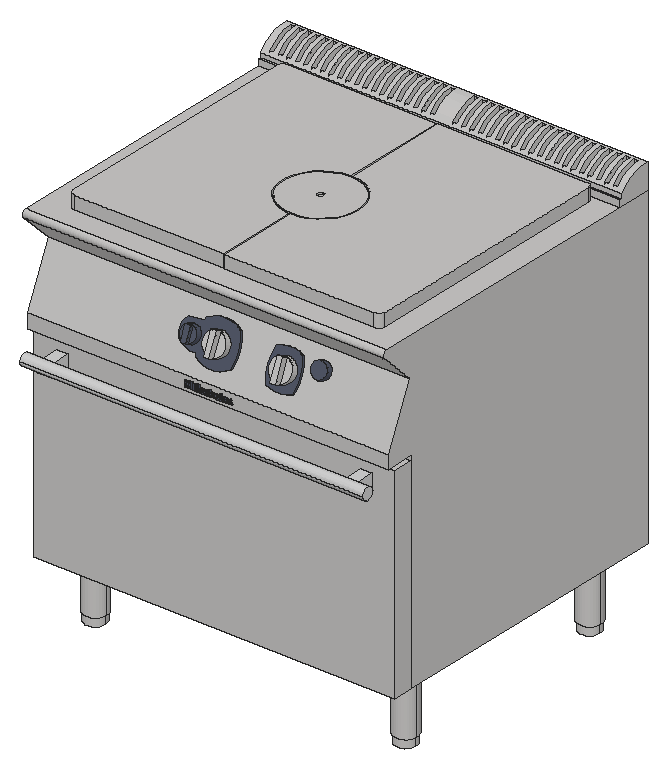
Revit family "QF_ELECTROLUXPROFESSIONAL_371008_E7STGH10G0", category Specialty Equipment, Revit 2018
Family settings
  Round Connector Dimension = Use Diameter
  Part Type = Normal
  Work Plane-Based = No
  Always vertical = Yes
  Cut with Voids When Loaded = No
  Shared = No
  Room Calculation Point = No
Parameters
  Width = 800 mm  # constant formula
  Weight in Pounds = 209  # constant formula
  Watts = 0 W
  URL Cutsheet = "www.electrolux.com"
  URL = "www.electrolux.com"
  Type Mark [instance] = ""
  Status [instance] = ""
  Specification by User [instance] = ""
  Specification by Manufacturer = ""
  Show Logo [instance] = yes
  Show Clearance [instance] = yes
  Serial Number = ""
  Seismic Rating = ""
  SMACNA No = ""
  Revision Code [instance] = ""
  Omniclass Number and Title = ""
  NAFEM Spec ID Number = ""
  Model = "371008"
  Mechanical Remarks [instance] = ""
  Mechanical Connection Type [instance] = ""
  Masterspec = ""
  Manufacturer = "ELECTROLUX"
  Item Number [instance] = ""
  Installed By [instance] = ""
  Identify Quantity as Lot [instance] = yes
  Height = 908 mm  # constant formula
  HP = "0 HP"
  Gas Size = 12.7 mm  # 1/2"
  Gas RI Height [instance] = 0 mm
  Gas KW [instance] = 13  # constant formula
  Gas Input [instance] = 12988 VA  # 44317.0 Btu/h
  Gas Connection Height = 0 mm
  Furnished By [instance] = ""
  Foodservice Equipment Identifier [instance] = yes
  Direct Waste Size = 0"
  Description = "700XP Gas Solid Top on Gas Oven"
  Depth = 700 mm  # constant formula
  CSI MasterFormat = ""
  CSI Master Format = ""
  Assembly Code = ""
Reference planes
  plane 1 "BACK": y = 0
  plane 2: z = 0
  plane 3 "LEFT": x = 0
  plane 4 "RIGHT": x = 800
  plane 5 "FRONT": y = -700
  plane 6 "TOP": z = 908
  plane 7 "Center Y": x = 400
  plane 8 "Center X": y = -350
  plane 9 "Base": z = 150
  plane 10: z = 850.85
  plane 11: y = -730.129
  plane 12: y = -1109.663
Forms (mm)
  Revolve 1, solid, material "QF_Finishes_Stainless Steel"
    sketch origin (1, -90, 0) x (1, 0, 0) y (0, 0, 1)
      loop
        line (55, 0) -> (55, 150) -> (29.6, 150) -> (29.6, 19.05) -> (32.1, 19.05) -> (32.1, 0) -> (55, 0)
      axis (55, 0) -> (55, 150)
    angle from 0 to 360
  Revolve 2, solid, material "QF_Finishes_Stainless Steel"
    sketch origin (1, -599.588, 0) x (1, 0, 0) y (0, 0, 1)
      loop
        line (55, 0) -> (55, 150) -> (29.6, 150) -> (29.6, 19.05) -> (32.1, 19.05) -> (32.1, 0) -> (55, 0)
      axis (55, 0) -> (55, 150)
    angle from 0 to 360
  Revolve 3, solid, material "QF_Finishes_Stainless Steel"
    sketch origin (799, -90, 0) x (-1, 0, 0) y (0, 0, -1)
      loop
        line (55, 0) -> (32.1, 0) -> (32.1, -19.05) -> (29.6, -19.05) -> (29.6, -150) -> (55, -150) -> (55, 0)
      axis (55, 0) -> (55, -150)
    angle from 0 to 360
  Revolve 4, solid, material "QF_Finishes_Stainless Steel"
    sketch origin (799, -599.588, 0) x (-1, 0, 0) y (0, 0, -1)
      loop
        line (55, 0) -> (32.1, 0) -> (32.1, -19.05) -> (29.6, -19.05) -> (29.6, -150) -> (55, -150) -> (55, 0)
      axis (55, 0) -> (55, -150)
    angle from 0 to 360
  Extrusion 5, solid, material "QF_Finishes_Stainless Steel"
    sketch origin (0, 0, 576.213) x (0, 1, 0) y (0, 0, 1)
      loop
        line (0, -426.212) -> (0, 274.638) -> (-721.5, 274.638)
        arc (-721.5, 274.638) -> (-729.472, 269.31) -> (-727.602, 259.906) r 8.63
        line (-727.602, 259.906) -> (-658.266, 190.57) -> (-715.962, 65.214) -> (-715.962, 33.916) -> (-655.839, 38.612)
        arc (-655.839, 38.612) -> (-653.314, 37.864) -> (-652.222, 35.468) r 3.175
        line (-652.222, 35.468) -> (-652.222, -426.212) -> (0, -426.212)
    from 0 to 800
  Extrusion 6, solid, material "QF_Finishes_Stainless Steel"
    sketch origin (0, -652.222, 615.668) x (0, 0, -1) y (1, 0, 0)
      loop
        line (465.668, 0) -> (465.668, 800) -> (13.597, 800) -> (13.597, 0) -> (465.668, 0)
    from 3.175 to 47.778
  Extrusion 7, solid, material "QF_Finishes_Handrails and Railings"
    sketch origin (0, 0, 0) x (0, 1, 0) y (0, 0, 1)
      loop
        line (-700, 579.951) -> (-738.678, 577.246)
        arc (-738.678, 577.246) -> (-739.871, 563.439) -> (-752.981, 558.943) r 12.7
        arc (-752.981, 558.943) -> (-752.44, 558.126) -> (-751.841, 557.351) r 13.441
        arc (-751.841, 557.351) -> (-750.036, 555.905) -> (-747.808, 555.285) r 5.77
        line (-747.808, 555.285) -> (-700, 551.942) -> (-700, 579.951)
    from 50.8 to 76.2
  Extrusion 8, solid, material "QF_Finishes_Handrails and Railings"
    sketch origin (800, 0, 0) x (0, 1, 0) y (0, 0, -1)
      loop
        line (-700, -579.951) -> (-700, -551.942) -> (-747.808, -555.285)
        arc (-747.808, -555.285) -> (-750.036, -555.905) -> (-751.841, -557.351) r 5.77
        arc (-751.841, -557.351) -> (-752.44, -558.126) -> (-752.981, -558.943) r 13.441
        arc (-752.981, -558.943) -> (-739.871, -563.439) -> (-738.678, -577.246) r 12.7
        line (-738.678, -577.246) -> (-700, -579.951)
    from 50.8 to 76.2
  Extrusion 9, solid, material "QF_Finishes_Handrails and Railings"
    sketch origin (0, 0, 0) x (0, 1, 0) y (0, 0, 1)
      loop
        circle (-749.878, 571.259) r 12.7
    from 19.875 to 780.125
  Extrusion 10, solid, material "QF_Finishes_Navy Blue", visible <- "Show Logo"
    sketch origin (61.109, -715.962, 610.773) x (0, 0, 1) y (-1, 0, 0)
      loop
        line (20.674, -296.698) -> (8.307, -296.698)
        arc (8.307, -296.698) -> (14.491, -301.27) -> (20.674, -296.698) r 6.467
      loop
        arc (20.674, -296.069) -> (19.505, -290.926) -> (14.849, -288.448) r 6.338
        line (14.849, -288.448) -> (14.849, -290.494)
        arc (14.849, -290.494) -> (16.333, -294.149) -> (19.778, -296.069) r 5.941
        line (19.778, -296.069) -> (20.674, -296.069)
      loop
        arc (9.203, -296.069) -> (12.648, -294.149) -> (14.132, -290.494) r 5.941
        line (14.132, -290.494) -> (14.132, -288.448)
        arc (14.132, -288.448) -> (9.438, -290.922) -> (8.148, -296.069) r 6.504
        line (8.148, -296.069) -> (9.203, -296.069)
      loop
        line (21.349, -287.979) -> (7.604, -287.979) -> (7.604, -301.742) -> (21.349, -301.742) -> (21.349, -287.979)
      loop
        arc (21.432, -304.71) -> (21.085, -304.352) -> (20.718, -304.69) r 0.358
        arc (20.718, -304.69) -> (20.404, -305.44) -> (19.687, -305.825) r 1.216
        line (19.687, -305.825) -> (9.274, -305.825)
        arc (9.274, -305.825) -> (8.614, -305.548) -> (8.218, -304.951) r 1.238
        arc (8.218, -304.951) -> (7.823, -304.7) -> (7.518, -305.054) r 0.358
        line (7.518, -305.054) -> (7.518, -314.933) -> (10.269, -314.933) -> (10.269, -314.036)
        arc (10.269, -314.036) -> (9.36, -313.456) -> (8.904, -312.479) r 1.928
        line (8.904, -312.479) -> (8.904, -309.98)
        arc (8.904, -309.98) -> (9.18, -309.251) -> (9.868, -308.887) r 1.101
        line (9.868, -308.887) -> (13.955, -308.887) -> (13.955, -312.561)
        arc (13.955, -312.561) -> (13.602, -313.058) -> (13.037, -313.286) r 1.083
        arc (13.037, -313.286) -> (12.773, -313.591) -> (13.065, -313.869) r 0.292
        line (13.065, -313.869) -> (16.028, -313.869)
        arc (16.028, -313.869) -> (16.33, -313.596) -> (16.092, -313.266) r 0.305
        arc (16.092, -313.266) -> (15.601, -313.018) -> (15.296, -312.561) r 1.083
        line (15.296, -312.561) -> (15.296, -308.887) -> (19.973, -308.887) -> (19.973, -312.635)
        arc (19.973, -312.635) -> (19.759, -313.39) -> (19.153, -313.888) r 1.314
        arc (19.153, -313.888) -> (18.934, -314.292) -> (19.288, -314.585) r 0.361
        line (19.288, -314.585) -> (21.432, -314.585) -> (21.432, -304.71)
      loop
        arc (20.715, -315.365) -> (20.335, -316.284) -> (19.416, -316.664) r 1.299
        line (19.416, -316.664) -> (9.837, -316.664)
        arc (9.837, -316.664) -> (8.999, -316.286) -> (8.728, -315.408) r 1.118
        line (8.728, -315.408) -> (7.518, -315.408) -> (7.518, -320.758) -> (8.706, -320.758)
        arc (8.706, -320.758) -> (8.978, -319.841) -> (9.848, -319.445) r 1.153
        line (9.848, -319.445) -> (21.92, -319.445) -> (20.715, -315.365)
      loop
        line (12.483, -323.394) -> (12.483, -329.842) -> (13.282, -329.842)
        arc (13.282, -329.842) -> (15.862, -328.857) -> (17.131, -326.404) r 3.874
        line (17.131, -326.404) -> (17.131, -324.643)
        arc (17.131, -324.643) -> (15.944, -321.778) -> (13.08, -320.592) r 4.051
        line (13.08, -320.592) -> (11.072, -320.592)
        arc (11.072, -320.592) -> (8.253, -322.077) -> (7.202, -325.084) r 4.352
        arc (7.202, -325.084) -> (7.566, -327.547) -> (8.943, -329.621) r 5.713
        line (8.943, -329.621) -> (9.892, -329.621)
        arc (9.892, -329.621) -> (9.16, -328.052) -> (8.943, -326.334) r 5.579
        arc (8.943, -326.334) -> (9.737, -324.371) -> (11.616, -323.394) r 3.057
        line (11.616, -323.394) -> (12.483, -323.394)
      loop
        line (13.742, -323.394) -> (13.742, -326.977)
        arc (13.742, -326.977) -> (15.199, -327.024) -> (16.082, -325.864) r 1.59
        line (16.082, -325.864) -> (16.082, -325.034)
        arc (16.082, -325.034) -> (15.217, -323.779) -> (13.742, -323.394) r 2.184
      loop
        arc (16.533, -339.259) -> (17.022, -337.585) -> (17.179, -335.848) r 9.023
        line (17.179, -335.848) -> (17.179, -334.486)
        arc (17.179, -334.486) -> (16.02, -331.686) -> (13.22, -330.527) r 3.959
        line (13.22, -330.527) -> (10.62, -330.527)
        arc (10.62, -330.527) -> (8.338, -331.819) -> (7.221, -334.192) r 4.331
        line (7.221, -334.192) -> (7.221, -336.327)
        arc (7.221, -336.327) -> (7.729, -337.877) -> (8.651, -339.223) r 5.772
        arc (8.651, -339.223) -> (9.412, -339.274) -> (9.499, -338.515) r 0.553
        arc (9.499, -338.515) -> (9.111, -337.781) -> (8.977, -336.962) r 2.573
        line (8.977, -336.962) -> (8.977, -335.447)
        arc (8.977, -335.447) -> (9.983, -333.806) -> (11.798, -333.163) r 2.884
        line (11.798, -333.163) -> (13.077, -333.163)
        arc (13.077, -333.163) -> (14.898, -333.723) -> (15.824, -335.388) r 2.554
        line (15.824, -335.388) -> (15.824, -336.441)
        arc (15.824, -336.441) -> (15.493, -337.369) -> (14.836, -338.104) r 2.564
        arc (14.836, -338.104) -> (14.614, -338.821) -> (15.223, -339.259) r 0.643
        line (15.223, -339.259) -> (16.533, -339.259)
      loop
        line (15.515, -339.53) -> (15.515, -341.031) -> (9.467, -341.031)
        arc (9.467, -341.031) -> (7.879, -341.688) -> (7.221, -343.276) r 2.246
        line (7.221, -343.276) -> (7.221, -344.86)
        arc (7.221, -344.86) -> (7.535, -345.725) -> (8.035, -346.496) r 4.06
        arc (8.035, -346.496) -> (8.768, -346.629) -> (9.019, -345.928) r 0.576
        arc (9.019, -345.928) -> (8.913, -345.403) -> (8.977, -344.87) r 1.69
        arc (8.977, -344.87) -> (9.519, -344.082) -> (10.425, -343.779) r 1.506
        line (10.425, -343.779) -> (15.563, -343.779) -> (15.563, -346.176) -> (16.119, -346.733) -> (16.941, -346.733) -> (16.941, -343.873) -> (20.172, -343.873) -> (15.515, -339.53)
      loop
        line (7.438, -347.63) -> (7.438, -353.017) -> (8.548, -353.017)
        arc (8.548, -353.017) -> (8.942, -352.066) -> (9.893, -351.672) r 1.345
        line (9.893, -351.672) -> (13.509, -351.672)
        arc (13.509, -351.672) -> (14.274, -352.264) -> (14.564, -353.186) r 1.615
        line (14.564, -353.186) -> (14.564, -354.742) -> (17.119, -355.427) -> (17.119, -354.044) -> (15.177, -351.485) -> (17.057, -351.485) -> (16.773, -348.779)
        arc (16.773, -348.779) -> (16.333, -348.249) -> (15.674, -348.45) r 0.621
        arc (15.674, -348.45) -> (15.274, -348.792) -> (14.78, -348.975) r 1.501
        line (14.78, -348.975) -> (9.893, -348.975)
        arc (9.893, -348.975) -> (8.942, -348.581) -> (8.548, -347.63) r 1.345
        line (8.548, -347.63) -> (7.438, -347.63)
      loop
        line (13.54, -354.964) -> (10.848, -354.964)
        arc (10.848, -354.964) -> (8.403, -356.272) -> (7.269, -358.803) r 4.288
        arc (7.269, -358.803) -> (7.205, -360.183) -> (7.269, -361.563) r 15.022
        arc (7.269, -361.563) -> (8.403, -364.094) -> (10.848, -365.401) r 4.288
        line (10.848, -365.401) -> (13.54, -365.401)
        arc (13.54, -365.401) -> (15.986, -364.094) -> (17.119, -361.563) r 4.288
        arc (17.119, -361.563) -> (17.183, -360.183) -> (17.119, -358.803) r 15.022
        arc (17.119, -358.803) -> (15.986, -356.272) -> (13.54, -354.964) r 4.288
      loop
        line (13.745, -358.078) -> (10.643, -358.078)
        arc (10.643, -358.078) -> (8.486, -360.235) -> (10.643, -362.392) r 2.157
        line (10.643, -362.392) -> (13.745, -362.392)
        arc (13.745, -362.392) -> (15.902, -360.235) -> (13.745, -358.078) r 2.157
      loop
        arc (20.726, -365.26) -> (20.355, -366.154) -> (19.461, -366.524) r 1.264
        line (19.461, -366.524) -> (9.597, -366.524)
        arc (9.597, -366.524) -> (8.727, -366.127) -> (8.455, -365.211) r 1.153
        line (8.455, -365.211) -> (7.518, -365.211) -> (7.518, -370.319) -> (8.446, -370.319)
        arc (8.446, -370.319) -> (8.805, -369.547) -> (9.597, -369.232) r 1.153
        line (9.597, -369.232) -> (21.92, -369.232) -> (20.726, -365.26)
      loop
        arc (15.846, -369.857) -> (15.647, -370.921) -> (14.678, -371.403) r 1.215
        line (14.678, -371.403) -> (9.658, -371.403)
        arc (9.658, -371.403) -> (8.043, -372.051) -> (7.322, -373.634) r 2.338
        line (7.322, -373.634) -> (7.322, -375.148)
        arc (7.322, -375.148) -> (7.497, -376.152) -> (7.999, -377.038) r 2.979
        line (7.999, -377.038) -> (7.518, -378.835) -> (7.518, -380.524) -> (16.943, -380.524) -> (16.649, -376.32) -> (15.863, -376.32)
        arc (15.863, -376.32) -> (15.507, -377.156) -> (14.755, -377.665) r 1.605
        line (14.755, -377.665) -> (9.652, -377.665)
        arc (9.652, -377.665) -> (9.232, -376.728) -> (9.159, -375.704) r 2.94
        arc (9.159, -375.704) -> (9.72, -374.603) -> (10.873, -374.16) r 1.724
        line (10.873, -374.16) -> (17.07, -374.16) -> (15.846, -369.857)
      loop
        line (16.874, -381.377) -> (15.202, -383.423) -> (12.028, -385.729) -> (8.572, -382.617)
        arc (8.572, -382.617) -> (8.335, -382.223) -> (8.357, -381.764) r 0.789
        line (8.357, -381.764) -> (7.518, -381.764) -> (7.518, -385.309) -> (8.344, -385.309)
        arc (8.344, -385.309) -> (8.686, -384.947) -> (9.176, -385.039) r 0.52
        line (9.176, -385.039) -> (10.976, -386.51) -> (8.858, -387.886)
        arc (8.858, -387.886) -> (8.457, -387.576) -> (8.37, -387.076) r 0.7
        line (8.37, -387.076) -> (7.518, -387.076) -> (7.518, -393.003) -> (8.405, -393.003)
        arc (8.405, -393.003) -> (8.472, -392.344) -> (8.866, -391.813) r 1.247
        line (8.866, -391.813) -> (13.066, -388.532) -> (15.513, -390.585) -> (16.874, -392.327) -> (16.874, -388.604) -> (15.389, -389.026) -> (13.868, -387.749) -> (15.568, -386.559) -> (16.874, -387.336) -> (16.874, -381.377)
    from 0 to 1.644
  Extrusion 11, solid, material "QF_Finishes_Stainless Steel"
    sketch origin (0, 0, 576.213) x (0, 1, 0) y (0, 0, 1)
      loop
        line (0, 274.638) -> (0, 288.925) -> (-76.2, 288.925) -> (-76.2, 274.638) -> (0, 274.638)
    from 0 to 800
  Extrusion 12, void
    sketch origin (34.989, 0, 865.138) x (-1, 0, 0) y (0, -1, 0)
      loop
        line (-335.017, 6.761) -> (-335.017, 63.911) -> (-344.313, 63.911) -> (-344.313, 6.761) -> (-335.017, 6.761)
      loop
        line (-316.325, 6.761) -> (-316.325, 63.911) -> (-325.62, 63.911) -> (-325.62, 6.761) -> (-316.325, 6.761)
      loop
        line (-297.632, 6.761) -> (-297.632, 63.911) -> (-306.928, 63.911) -> (-306.928, 6.761) -> (-297.632, 6.761)
      loop
        line (-278.94, 6.761) -> (-278.94, 63.911) -> (-288.235, 63.911) -> (-288.235, 6.761) -> (-278.94, 6.761)
      loop
        line (-260.247, 6.761) -> (-260.247, 63.911) -> (-269.543, 63.911) -> (-269.543, 6.761) -> (-260.247, 6.761)
      loop
        line (-241.554, 6.761) -> (-241.554, 63.911) -> (-250.85, 63.911) -> (-250.85, 6.761) -> (-241.554, 6.761)
      loop
        line (-222.862, 6.761) -> (-222.862, 63.911) -> (-232.157, 63.911) -> (-232.157, 6.761) -> (-222.862, 6.761)
      loop
        line (-204.169, 6.761) -> (-204.169, 63.911) -> (-213.465, 63.911) -> (-213.465, 6.761) -> (-204.169, 6.761)
      loop
        line (-185.476, 6.761) -> (-185.476, 63.911) -> (-194.772, 63.911) -> (-194.772, 6.761) -> (-185.476, 6.761)
      loop
        line (-166.784, 6.761) -> (-166.784, 63.911) -> (-176.08, 63.911) -> (-176.08, 6.761) -> (-166.784, 6.761)
      loop
        line (-148.091, 6.761) -> (-148.091, 63.911) -> (-157.387, 63.911) -> (-157.387, 6.761) -> (-148.091, 6.761)
      loop
        line (-129.399, 6.761) -> (-129.399, 63.911) -> (-138.694, 63.911) -> (-138.694, 6.761) -> (-129.399, 6.761)
      loop
        line (-110.706, 6.761) -> (-110.706, 63.911) -> (-120.002, 63.911) -> (-120.002, 6.761) -> (-110.706, 6.761)
      loop
        line (-92.013, 6.761) -> (-92.013, 63.911) -> (-101.309, 63.911) -> (-101.309, 6.761) -> (-92.013, 6.761)
      loop
        line (-73.321, 6.761) -> (-73.321, 63.911) -> (-82.617, 63.911) -> (-82.617, 6.761) -> (-73.321, 6.761)
      loop
        line (-54.628, 6.761) -> (-54.628, 63.911) -> (-63.924, 63.911) -> (-63.924, 6.761) -> (-54.628, 6.761)
      loop
        line (-35.936, 6.761) -> (-35.936, 63.911) -> (-45.231, 63.911) -> (-45.231, 6.761) -> (-35.936, 6.761)
      loop
        line (-17.243, 6.761) -> (-17.243, 63.911) -> (-26.539, 63.911) -> (-26.539, 6.761) -> (-17.243, 6.761)
      loop
        line (1.45, 6.761) -> (1.45, 63.911) -> (-7.846, 63.911) -> (-7.846, 6.761) -> (1.45, 6.761)
      loop
        line (20.142, 6.761) -> (20.142, 63.911) -> (10.846, 63.911) -> (10.846, 6.761) -> (20.142, 6.761)
      loop
        line (-395.005, 6.761) -> (-385.709, 6.761) -> (-385.709, 63.911) -> (-395.005, 63.911) -> (-395.005, 6.761)
      loop
        line (-413.697, 6.761) -> (-404.401, 6.761) -> (-404.401, 63.911) -> (-413.697, 63.911) -> (-413.697, 6.761)
      loop
        line (-432.39, 6.761) -> (-423.094, 6.761) -> (-423.094, 63.911) -> (-432.39, 63.911) -> (-432.39, 6.761)
      loop
        line (-451.082, 6.761) -> (-441.787, 6.761) -> (-441.787, 63.911) -> (-451.082, 63.911) -> (-451.082, 6.761)
      loop
        line (-469.775, 6.761) -> (-460.479, 6.761) -> (-460.479, 63.911) -> (-469.775, 63.911) -> (-469.775, 6.761)
      loop
        line (-488.468, 6.761) -> (-479.172, 6.761) -> (-479.172, 63.911) -> (-488.468, 63.911) -> (-488.468, 6.761)
      loop
        line (-507.16, 6.761) -> (-497.864, 6.761) -> (-497.864, 63.911) -> (-507.16, 63.911) -> (-507.16, 6.761)
      loop
        line (-525.853, 6.761) -> (-516.557, 6.761) -> (-516.557, 63.911) -> (-525.853, 63.911) -> (-525.853, 6.761)
      loop
        line (-544.545, 6.761) -> (-535.25, 6.761) -> (-535.25, 63.911) -> (-544.545, 63.911) -> (-544.545, 6.761)
      loop
        line (-563.238, 6.761) -> (-553.942, 6.761) -> (-553.942, 63.911) -> (-563.238, 63.911) -> (-563.238, 6.761)
      loop
        line (-581.931, 6.761) -> (-572.635, 6.761) -> (-572.635, 63.911) -> (-581.931, 63.911) -> (-581.931, 6.761)
      loop
        line (-600.623, 6.761) -> (-591.328, 6.761) -> (-591.328, 63.911) -> (-600.623, 63.911) -> (-600.623, 6.761)
      loop
        line (-619.316, 6.761) -> (-610.02, 6.761) -> (-610.02, 63.911) -> (-619.316, 63.911) -> (-619.316, 6.761)
      loop
        line (-638.008, 6.761) -> (-628.713, 6.761) -> (-628.713, 63.911) -> (-638.008, 63.911) -> (-638.008, 6.761)
      loop
        line (-656.701, 6.761) -> (-647.405, 6.761) -> (-647.405, 63.911) -> (-656.701, 63.911) -> (-656.701, 6.761)
      loop
        line (-675.394, 6.761) -> (-666.098, 6.761) -> (-666.098, 63.911) -> (-675.394, 63.911) -> (-675.394, 6.761)
      loop
        line (-694.086, 6.761) -> (-684.791, 6.761) -> (-684.791, 63.911) -> (-694.086, 63.911) -> (-694.086, 6.761)
      loop
        line (-712.779, 6.761) -> (-703.483, 6.761) -> (-703.483, 63.911) -> (-712.779, 63.911) -> (-712.779, 6.761)
      loop
        line (-731.472, 6.761) -> (-722.176, 6.761) -> (-722.176, 63.911) -> (-731.472, 63.911) -> (-731.472, 6.761)
      loop
        line (-750.164, 6.761) -> (-740.868, 6.761) -> (-740.868, 63.911) -> (-750.164, 63.911) -> (-750.164, 6.761)
    from 9.525 to 45.348
  Extrusion 13, solid, material "QF_Finishes_Stainless Steel"
    sketch origin (0, 0, 590.5) x (0, 1, 0) y (0, 0, 1)
      loop
        line (0, 274.638) -> (0, 317.5)
        arc (0, 317.5) -> (-38.879, 309.116) -> (-69.85, 284.162) r 86.156
        line (-69.85, 284.162) -> (-69.85, 274.638) -> (0, 274.638)
    from 0 to 800
  Extrusion 14, solid, material "QF_Finishes_Stainless Steel"
    sketch origin (0, 0, 850.85) x (0, -1, 0) y (1, 0, 0)
      loop
        arc (82.3, 67.7) -> (86.02, 58.72) -> (95, 55) r 12.7
        line (95, 55) -> (659.6, 55)
        arc (659.6, 55) -> (668.58, 58.72) -> (672.3, 67.7) r 12.7
        line (672.3, 67.7) -> (672.3, 398.413) -> (490.475, 398.413)
        arc (490.475, 398.413) -> (404.92, 314.787) -> (319.519, 398.571) r 85.497
        line (319.519, 398.571) -> (82.3, 398.571) -> (82.3, 67.7)
      loop
        arc (672.3, 732.3) -> (668.58, 741.28) -> (659.6, 745) r 12.7
        line (659.6, 745) -> (95, 745)
        arc (95, 745) -> (86.02, 741.28) -> (82.3, 732.3) r 12.7
        line (82.3, 732.3) -> (82.3, 401.528) -> (319.513, 401.528)
        arc (319.513, 401.528) -> (405.24, 485.459) -> (490.492, 401.047) r 85.5
        line (490.492, 401.047) -> (672.3, 401.047) -> (672.3, 732.3)
      loop
        circle (405, 400) r 82.6
      loop
        circle (405, 400) r 7
    from 0 to 28.575
  Extrusion 15, solid, material "QF_Finishes_Stainless Steel"
    sketch origin (0, 0, 850.85) x (0, -1, 0) y (1, 0, 0)
      loop
        circle (405, 400) r 7
    from 0 to 26.981
  Extrusion 16, solid, material "QF_Finishes_Navy Blue"
    sketch origin (7.744, -713.772, 646.186) x (0, 0.418102, 0.9084) y (-1, 0, 0)
      loop
        arc (102.623, -510.47) -> (67.041, -502.846) -> (31.333, -509.853) r 90.5
        arc (31.333, -509.853) -> (24.507, -539.04) -> (31.333, -568.228) r 65.817
        arc (31.333, -568.228) -> (67.04, -575.188) -> (102.623, -567.615) r 91.066
        arc (102.623, -567.615) -> (109.179, -539.043) -> (102.623, -510.47) r 65.546
    from 0 to 3.175
  Extrusion 17, solid, material "QF_Finishes_Stainless Steel"
    sketch origin (386.494, -717.485, 645.711) x (0, 0.418102, 0.9084) y (-1, 0, 0)
      loop
        circle (68.826, -160.963) r 25.4
    from 0 to 12.7
  Extrusion 18, solid, material "QF_Finishes_Stainless Steel"
    sketch origin (386.494, -729.022, 651.021) x (0, 0.418102, 0.9084) y (-1, 0, 0)
      loop
        arc (93.558, -166.749) -> (94.226, -160.963) -> (93.558, -155.177) r 25.4
        line (93.558, -155.177) -> (44.094, -155.177)
        arc (44.094, -155.177) -> (43.426, -160.963) -> (44.094, -166.749) r 25.4
        line (44.094, -166.749) -> (93.558, -166.749)
    from 0 to 12.7
  Extrusion 19, solid, material "QF_Finishes_Navy Blue"
    sketch origin (307.014, -703.319, 668.896) x (0, 0.418102, 0.9084) y (-1, 0, 0)
      loop
        circle (65.471, -315.169) r 17.78
    from 0 to 12.7
  Extrusion 20, solid, material "QF_Finishes_Navy Blue"
    sketch origin (-139.713, -713.772, 646.186) x (0, 0.418102, 0.9084) y (-1, 0, 0)
      loop
        arc (104.355, -502.587) -> (101.326, -501.258) -> (98.25, -500.039) r 91.066
        arc (98.25, -500.039) -> (96.592, -482.449) -> (93.213, -465.107) r 179.528
        arc (93.213, -465.107) -> (69.244, -452.795) -> (45.274, -465.107) r 29.489
        arc (45.274, -465.107) -> (38.909, -481.441) -> (37.449, -498.912) r 61.044
        arc (37.449, -498.912) -> (34.471, -499.962) -> (31.532, -501.116) r 91.066
        arc (31.532, -501.116) -> (19.517, -540.223) -> (32.929, -578.873) r 65.817
        arc (32.929, -578.873) -> (68.105, -585.173) -> (102.996, -577.452) r 91.066
        arc (102.996, -577.452) -> (115.418, -540.233) -> (104.355, -502.587) r 65.546
    from 0 to 3.175
  Extrusion 21, solid, material "QF_Finishes_Stainless Steel"
    sketch origin (239.037, -717.485, 645.711) x (0, 0.418102, 0.9084) y (-1, 0, 0)
      loop
        circle (68.826, -160.963) r 25.4
    from 0 to 12.7
  Extrusion 22, solid, material "QF_Finishes_Stainless Steel"
    sketch origin (239.037, -729.022, 651.021) x (0, 0.418102, 0.9084) y (-1, 0, 0)
      loop
        arc (93.558, -166.749) -> (94.226, -160.963) -> (93.558, -155.177) r 25.4
        line (93.558, -155.177) -> (44.094, -155.177)
        arc (44.094, -155.177) -> (43.426, -160.963) -> (44.094, -166.749) r 25.4
        line (44.094, -166.749) -> (93.558, -166.749)
    from 0 to 12.7
  Extrusion 23, solid, material "QF_Finishes_Navy Blue"
    sketch origin (181.537, -717.485, 645.711) x (0, 0.418102, 0.9084) y (-1, 0, 0)
      loop
        circle (68.826, -160.963) r 18.37
    from 0 to 12.7
  Extrusion 24, solid, material "QF_Finishes_Navy Blue"
    sketch origin (180.246, -729.022, 651.021) x (0, 0.418102, 0.9084) y (-1, 0, 0)
      loop
        arc (84.808, -167.687) -> (85.476, -161.901) -> (84.808, -156.114) r 25.4
        line (84.808, -156.114) -> (52.844, -156.114)
        arc (52.844, -156.114) -> (52.176, -161.901) -> (52.844, -167.687) r 25.4
        line (52.844, -167.687) -> (84.808, -167.687)
    from 0 to 8.112
  Extrusion 25, solid, material "QF_Finishes_Stainless Steel"
    sketch origin (0, 0, 150) x (-1, 0, 0) y (0, -1, 0)
      loop
        circle (-747.612, 464) r 6.35
    from -8.815 to 7.722
  Extrusion 26, solid, material "QF_Finishes_Door Clearance", visible <- "Show Clearance", detail levels coarse
    sketch origin (0, 0, 0) x (0, 1, 0) y (0, 0, 1)
      loop
        line (-1109.663, 150) -> (-700, 150) -> (-700, 602.071)
        arc (-700, 602.071) -> (-992.012, 455.037) -> (-1109.663, 150) r 454.266
    from 0 to 800
  Extrusion 27, solid, material "QF_Finishes_Clearance", visible <- "Show Clearance", detail levels coarse
    sketch origin (0, 0, 0) x (1, 0, 0) y (0, 1, 0)
      loop
        line (-150, -730.129) -> (0, -730.129) -> (0, 0) -> (800, 0) -> (800, -730.129) -> (950, -730.129) -> (950, 150) -> (-150, 150) -> (-150, -730.129)
    from 0 to 908
Cuts and joins
  Extrusion 12 cuts Extrusion 5
  Extrusion 12 cuts Extrusion 13
  joined: Extrusion 11, Extrusion 13
  joined: Extrusion 14, Extrusion 15
Lines and regions (mm)
  symbolic lines, style "QF-Door Swings"
    curve 1: line (0, -730.129, 150) -> (0, -1109.663, 150)
    curve 2: line (0, -1109.663, 150) -> (800, -1109.663, 150)
    curve 3: line (800, -1109.663, 150) -> (800, -730.129, 150)
  symbolic lines
    curve 4: line (800, -730.129, 150) -> (0, -730.129, 150)
    curve 5: line (0, 0, 150) -> (0, -730.129, 150)
    curve 6: line (55, -95, 150) -> (55, -659.6, 150)
    curve 7: arc (55, -659.6, 150) -> (58.72, -668.58, 150) -> (67.7, -672.3, 150) r 12.7
    curve 8: line (67.7, -672.3, 150) -> (398.413, -672.3, 150)
    curve 9: line (398.413, -672.3, 150) -> (398.413, -490.475, 150)
    curve 10: arc (398.413, -490.475, 150) -> (314.787, -404.92, 150) -> (398.571, -319.519, 150) r 85.497
    curve 11: line (398.571, -319.519, 150) -> (398.571, -82.3, 150)
    curve 12: line (398.571, -82.3, 150) -> (67.7, -82.3, 150)
    curve 13: arc (67.7, -82.3, 150) -> (58.72, -86.02, 150) -> (55, -95, 150) r 12.7
    curve 14: line (745, -659.6, 150) -> (745, -95, 150)
    curve 15: arc (745, -95, 150) -> (741.28, -86.02, 150) -> (732.3, -82.3, 150) r 12.7
    curve 16: line (732.3, -82.3, 150) -> (401.528, -82.3, 150)
    curve 17: line (401.528, -82.3, 150) -> (401.528, -319.513, 150)
    curve 18: arc (401.528, -319.513, 150) -> (485.46, -405.118, 150) -> (401.289, -490.489, 150) r 85.5
    curve 19: line (401.289, -490.489, 150) -> (401.289, -672.3, 150)
    curve 20: line (401.289, -672.3, 150) -> (732.3, -672.3, 150)
    curve 21: arc (732.3, -672.3, 150) -> (741.28, -668.58, 150) -> (745, -659.6, 150) r 12.7
    curve 22: arc (400, -322.4, 150) -> (317.4, -405, 150) -> (400, -487.6, 150) r 82.6
    curve 23: arc (400, -487.6, 150) -> (482.6, -405, 150) -> (400, -322.4, 150) r 82.6
    curve 24: arc (400, -398, 150) -> (407, -405, 150) -> (400, -412, 150) r 7
    curve 25: arc (400, -412, 150) -> (393, -405, 150) -> (400, -398, 150) r 7
    curve 26: line (0, -69.85, 150) -> (800, -69.85, 150)
    curve 27: line (0, -76.2, 150) -> (800, -76.2, 150)
    curve 28: line (800, -730.129, 150) -> (800, 0, 150)
    curve 29: line (0, 0, 150) -> (800, 0, 150)
    curve 30: line (24.143, -6.761, 150) -> (24.143, -63.911, 150)
    curve 31: line (24.143, -63.911, 150) -> (14.847, -63.911, 150)
    curve 32: line (14.847, -63.911, 150) -> (14.847, -6.761, 150)
    curve 33: line (14.847, -6.761, 150) -> (24.143, -6.761, 150)
    curve 34: line (379.302, -6.761, 150) -> (379.302, -63.911, 150)
    curve 35: line (379.302, -63.911, 150) -> (370.006, -63.911, 150)
    curve 36: line (370.006, -63.911, 150) -> (370.006, -6.761, 150)
    curve 37: line (370.006, -6.761, 150) -> (379.302, -6.761, 150)
    curve 38: line (429.994, -6.761, 150) -> (429.994, -63.911, 150)
    curve 39: line (429.994, -63.911, 150) -> (420.698, -63.911, 150)
    curve 40: line (420.698, -63.911, 150) -> (420.698, -6.761, 150)
    curve 41: line (420.698, -6.761, 150) -> (429.994, -6.761, 150)
    curve 42: line (360.61, -6.761, 150) -> (360.61, -63.911, 150)
    curve 43: line (360.61, -63.911, 150) -> (351.314, -63.911, 150)
    curve 44: line (351.314, -63.911, 150) -> (351.314, -6.761, 150)
    curve 45: line (351.314, -6.761, 150) -> (360.61, -6.761, 150)
    curve 46: line (341.917, -6.761, 150) -> (341.917, -63.911, 150)
    curve 47: line (341.917, -63.911, 150) -> (332.621, -63.911, 150)
    curve 48: line (332.621, -63.911, 150) -> (332.621, -6.761, 150)
    curve 49: line (332.621, -6.761, 150) -> (341.917, -6.761, 150)
    curve 50: line (323.224, -6.761, 150) -> (323.224, -63.911, 150)
    curve 51: line (323.224, -63.911, 150) -> (313.929, -63.911, 150)
    curve 52: line (313.929, -63.911, 150) -> (313.929, -6.761, 150)
    curve 53: line (313.929, -6.761, 150) -> (323.224, -6.761, 150)
    curve 54: line (304.532, -6.761, 150) -> (304.532, -63.911, 150)
    curve 55: line (304.532, -63.911, 150) -> (295.236, -63.911, 150)
    curve 56: line (295.236, -63.911, 150) -> (295.236, -6.761, 150)
    curve 57: line (295.236, -6.761, 150) -> (304.532, -6.761, 150)
    curve 58: line (285.839, -6.761, 150) -> (285.839, -63.911, 150)
    curve 59: line (285.839, -63.911, 150) -> (276.543, -63.911, 150)
    curve 60: line (276.543, -63.911, 150) -> (276.543, -6.761, 150)
    curve 61: line (276.543, -6.761, 150) -> (285.839, -6.761, 150)
    curve 62: line (267.146, -6.761, 150) -> (267.146, -63.911, 150)
    curve 63: line (267.146, -63.911, 150) -> (257.851, -63.911, 150)
    curve 64: line (257.851, -63.911, 150) -> (257.851, -6.761, 150)
    curve 65: line (257.851, -6.761, 150) -> (267.146, -6.761, 150)
    curve 66: line (248.454, -6.761, 150) -> (248.454, -63.911, 150)
    curve 67: line (248.454, -63.911, 150) -> (239.158, -63.911, 150)
    curve 68: line (239.158, -63.911, 150) -> (239.158, -6.761, 150)
    curve 69: line (239.158, -6.761, 150) -> (248.454, -6.761, 150)
    curve 70: line (229.761, -6.761, 150) -> (229.761, -63.911, 150)
    curve 71: line (229.761, -63.911, 150) -> (220.466, -63.911, 150)
    curve 72: line (220.466, -63.911, 150) -> (220.466, -6.761, 150)
    curve 73: line (220.466, -6.761, 150) -> (229.761, -6.761, 150)
    curve 74: line (211.069, -6.761, 150) -> (211.069, -63.911, 150)
    curve 75: line (211.069, -63.911, 150) -> (201.773, -63.911, 150)
    curve 76: line (201.773, -63.911, 150) -> (201.773, -6.761, 150)
    curve 77: line (201.773, -6.761, 150) -> (211.069, -6.761, 150)
    curve 78: line (192.376, -6.761, 150) -> (192.376, -63.911, 150)
    curve 79: line (192.376, -63.911, 150) -> (183.08, -63.911, 150)
    curve 80: line (183.08, -63.911, 150) -> (183.08, -6.761, 150)
    curve 81: line (183.08, -6.761, 150) -> (192.376, -6.761, 150)
    curve 82: line (173.683, -6.761, 150) -> (173.683, -63.911, 150)
    curve 83: line (173.683, -63.911, 150) -> (164.388, -63.911, 150)
    curve 84: line (164.388, -63.911, 150) -> (164.388, -6.761, 150)
    curve 85: line (164.388, -6.761, 150) -> (173.683, -6.761, 150)
    curve 86: line (154.991, -6.761, 150) -> (154.991, -63.911, 150)
    curve 87: line (154.991, -63.911, 150) -> (145.695, -63.911, 150)
    curve 88: line (145.695, -63.911, 150) -> (145.695, -6.761, 150)
    curve 89: line (145.695, -6.761, 150) -> (154.991, -6.761, 150)
    curve 90: line (136.298, -6.761, 150) -> (136.298, -63.911, 150)
    curve 91: line (136.298, -63.911, 150) -> (127.002, -63.911, 150)
    curve 92: line (127.002, -63.911, 150) -> (127.002, -6.761, 150)
    curve 93: line (127.002, -6.761, 150) -> (136.298, -6.761, 150)
    curve 94: line (117.606, -6.761, 150) -> (117.606, -63.911, 150)
    curve 95: line (117.606, -63.911, 150) -> (108.31, -63.911, 150)
    curve 96: line (108.31, -63.911, 150) -> (108.31, -6.761, 150)
    curve 97: line (108.31, -6.761, 150) -> (117.606, -6.761, 150)
    curve 98: line (98.913, -6.761, 150) -> (98.913, -63.911, 150)
    curve 99: line (98.913, -63.911, 150) -> (89.617, -63.911, 150)
    curve 100: line (89.617, -63.911, 150) -> (89.617, -6.761, 150)
    curve 101: line (89.617, -6.761, 150) -> (98.913, -6.761, 150)
    curve 102: line (80.22, -6.761, 150) -> (80.22, -63.911, 150)
    curve 103: line (80.22, -63.911, 150) -> (70.925, -63.911, 150)
    curve 104: line (70.925, -63.911, 150) -> (70.925, -6.761, 150)
    curve 105: line (70.925, -6.761, 150) -> (80.22, -6.761, 150)
    curve 106: line (61.528, -6.761, 150) -> (61.528, -63.911, 150)
    curve 107: line (61.528, -63.911, 150) -> (52.232, -63.911, 150)
    curve 108: line (52.232, -63.911, 150) -> (52.232, -6.761, 150)
    curve 109: line (52.232, -6.761, 150) -> (61.528, -6.761, 150)
    curve 110: line (42.835, -6.761, 150) -> (42.835, -63.911, 150)
    curve 111: line (42.835, -63.911, 150) -> (33.539, -63.911, 150)
    curve 112: line (33.539, -63.911, 150) -> (33.539, -6.761, 150)
    curve 113: line (33.539, -6.761, 150) -> (42.835, -6.761, 150)
    curve 114: line (635.612, -6.761, 150) -> (635.612, -63.911, 150)
    curve 115: line (635.612, -63.911, 150) -> (626.317, -63.911, 150)
    curve 116: line (626.317, -63.911, 150) -> (626.317, -6.761, 150)
    curve 117: line (626.317, -6.761, 150) -> (635.612, -6.761, 150)
    curve 118: line (616.92, -6.761, 150) -> (616.92, -63.911, 150)
    curve 119: line (616.92, -63.911, 150) -> (607.624, -63.911, 150)
    curve 120: line (607.624, -63.911, 150) -> (607.624, -6.761, 150)
    curve 121: line (607.624, -6.761, 150) -> (616.92, -6.761, 150)
    curve 122: line (598.227, -6.761, 150) -> (598.227, -63.911, 150)
    curve 123: line (598.227, -63.911, 150) -> (588.931, -63.911, 150)
    curve 124: line (588.931, -63.911, 150) -> (588.931, -6.761, 150)
    curve 125: line (588.931, -6.761, 150) -> (598.227, -6.761, 150)
    curve 126: line (579.534, -6.761, 150) -> (579.534, -63.911, 150)
    curve 127: line (579.534, -63.911, 150) -> (570.239, -63.911, 150)
    curve 128: line (570.239, -63.911, 150) -> (570.239, -6.761, 150)
    curve 129: line (570.239, -6.761, 150) -> (579.534, -6.761, 150)
    curve 130: line (560.842, -6.761, 150) -> (560.842, -63.911, 150)
    curve 131: line (560.842, -63.911, 150) -> (551.546, -63.911, 150)
    curve 132: line (551.546, -63.911, 150) -> (551.546, -6.761, 150)
    curve 133: line (551.546, -6.761, 150) -> (560.842, -6.761, 150)
    curve 134: line (542.149, -6.761, 150) -> (542.149, -63.911, 150)
    curve 135: line (542.149, -63.911, 150) -> (532.854, -63.911, 150)
    curve 136: line (532.854, -63.911, 150) -> (532.854, -6.761, 150)
    curve 137: line (532.854, -6.761, 150) -> (542.149, -6.761, 150)
    curve 138: line (523.457, -6.761, 150) -> (523.457, -63.911, 150)
    curve 139: line (523.457, -63.911, 150) -> (514.161, -63.911, 150)
    curve 140: line (514.161, -63.911, 150) -> (514.161, -6.761, 150)
    curve 141: line (514.161, -6.761, 150) -> (523.457, -6.761, 150)
    curve 142: line (504.764, -6.761, 150) -> (504.764, -63.911, 150)
    curve 143: line (504.764, -63.911, 150) -> (495.468, -63.911, 150)
    curve 144: line (495.468, -63.911, 150) -> (495.468, -6.761, 150)
    curve 145: line (495.468, -6.761, 150) -> (504.764, -6.761, 150)
    curve 146: line (486.071, -6.761, 150) -> (486.071, -63.911, 150)
    curve 147: line (486.071, -63.911, 150) -> (476.776, -63.911, 150)
    curve 148: line (476.776, -63.911, 150) -> (476.776, -6.761, 150)
    curve 149: line (476.776, -6.761, 150) -> (486.071, -6.761, 150)
    curve 150: line (467.379, -6.761, 150) -> (467.379, -63.911, 150)
    curve 151: line (467.379, -63.911, 150) -> (458.083, -63.911, 150)
    curve 152: line (458.083, -63.911, 150) -> (458.083, -6.761, 150)
    curve 153: line (458.083, -6.761, 150) -> (467.379, -6.761, 150)
    curve 154: line (448.686, -6.761, 150) -> (448.686, -63.911, 150)
    curve 155: line (448.686, -63.911, 150) -> (439.39, -63.911, 150)
    curve 156: line (439.39, -63.911, 150) -> (439.39, -6.761, 150)
    curve 157: line (439.39, -6.761, 150) -> (448.686, -6.761, 150)
    curve 158: line (785.153, -6.761, 150) -> (785.153, -63.911, 150)
    curve 159: line (785.153, -63.911, 150) -> (775.857, -63.911, 150)
    curve 160: line (775.857, -63.911, 150) -> (775.857, -6.761, 150)
    curve 161: line (775.857, -6.761, 150) -> (785.153, -6.761, 150)
    curve 162: line (766.461, -6.761, 150) -> (766.461, -63.911, 150)
    curve 163: line (766.461, -63.911, 150) -> (757.165, -63.911, 150)
    curve 164: line (757.165, -63.911, 150) -> (757.165, -6.761, 150)
    curve 165: line (757.165, -6.761, 150) -> (766.461, -6.761, 150)
    curve 166: line (747.768, -6.761, 150) -> (747.768, -63.911, 150)
    curve 167: line (747.768, -63.911, 150) -> (738.472, -63.911, 150)
    curve 168: line (738.472, -63.911, 150) -> (738.472, -6.761, 150)
    curve 169: line (738.472, -6.761, 150) -> (747.768, -6.761, 150)
    curve 170: line (729.075, -6.761, 150) -> (729.075, -63.911, 150)
    curve 171: line (729.075, -63.911, 150) -> (719.78, -63.911, 150)
    curve 172: line (719.78, -63.911, 150) -> (719.78, -6.761, 150)
    curve 173: line (719.78, -6.761, 150) -> (729.075, -6.761, 150)
    curve 174: line (710.383, -6.761, 150) -> (710.383, -63.911, 150)
    curve 175: line (710.383, -63.911, 150) -> (701.087, -63.911, 150)
    curve 176: line (701.087, -63.911, 150) -> (701.087, -6.761, 150)
    curve 177: line (701.087, -6.761, 150) -> (710.383, -6.761, 150)
    curve 178: line (691.69, -6.761, 150) -> (691.69, -63.911, 150)
    curve 179: line (691.69, -63.911, 150) -> (682.394, -63.911, 150)
    curve 180: line (682.394, -63.911, 150) -> (682.394, -6.761, 150)
    curve 181: line (682.394, -6.761, 150) -> (691.69, -6.761, 150)
    curve 182: line (672.998, -6.761, 150) -> (672.998, -63.911, 150)
    curve 183: line (672.998, -63.911, 150) -> (663.702, -63.911, 150)
    curve 184: line (663.702, -63.911, 150) -> (663.702, -6.761, 150)
    curve 185: line (663.702, -6.761, 150) -> (672.998, -6.761, 150)
    curve 186: line (654.305, -6.761, 150) -> (654.305, -63.911, 150)
    curve 187: line (654.305, -63.911, 150) -> (645.009, -63.911, 150)
    curve 188: line (645.009, -63.911, 150) -> (645.009, -6.761, 150)
    curve 189: line (645.009, -6.761, 150) -> (654.305, -6.761, 150)
    curve 193: line (19.875, -762.578, 0) -> (780.125, -762.578, 0)
    curve 194: line (19.875, -737.178, 0) -> (19.875, -762.578, 0)
    curve 195: line (780.125, -737.178, 0) -> (19.875, -737.178, 0)
    curve 196: line (780.125, -762.578, 0) -> (780.125, -737.178, 0)
    curve 197: line (50.8, -730.129, 0) -> (50.8, -737.178, 0)
    curve 198: line (76.2, -730.129, 0) -> (76.2, -737.178, 0)
    curve 199: line (723.8, -730.129, 0) -> (723.8, -737.178, 0)
    curve 200: line (749.2, -730.129, 0) -> (749.2, -737.178, 0)
  symbolic lines, style "QF-Clearances", visible <- "Show Clearance", detail levels coarse
    curve 190: line (-150, -730.129, 150) -> (-150, 150, 150)
    curve 191: line (-150, 150, 150) -> (950, 150, 150)
    curve 192: line (950, 150, 150) -> (950, -730.129, 150)
Dimensions and locks
  equal spacing: plane 3 "LEFT", plane 7 "Center Y", plane 4 "RIGHT"
  "Width": plane 3 "LEFT" to plane 4 "RIGHT"
  equal spacing: plane 5 "FRONT", plane 8 "Center X", plane 1 "BACK"
  "Depth": plane 5 "FRONT" to plane 1 "BACK"
  "Height": plane 6 "TOP" to level
  plane 9 "Base" to level = 150 mm
  plane 6 "TOP" to plane 10 = 57.15 mm
  plane 1 "BACK" to plane 11 = 730.129 mm
  plane 1 "BACK" to plane 12 = 1109.663 mm
  aligned and locked: level to plane 2
Automatic sketch dimensions
  Revolve 1 sketch curve to plane 9 "Base" = 0 mm  (x2)
  Revolve 1 sketch curve to level = 0 mm
  plane 3 "LEFT" to Revolve 1 sketch curve = 30.6 mm
  Revolve 1 sketch curve to Revolve 1 sketch curve = 2.5 mm
  Revolve 1 sketch curve to Revolve 1 sketch curve = 25.4 mm
  Revolve 1 sketch curve to Revolve 1 sketch curve = 0 mm
  level to Revolve 1 sketch curve = 19.05 mm
  plane 9 "Base" to Revolve 1 sketch curve = 20 mm
  Revolve 2 sketch curve to plane 9 "Base" = 0 mm  (x2)
  Revolve 2 sketch curve to level = 0 mm
  plane 3 "LEFT" to Revolve 2 sketch curve = 30.6 mm
  Revolve 2 sketch curve to Revolve 2 sketch curve = 2.5 mm
  Revolve 2 sketch curve to Revolve 2 sketch curve = 25.4 mm
  Revolve 2 sketch curve to Revolve 2 sketch curve = 0 mm
  level to Revolve 2 sketch curve = 19.05 mm
  plane 9 "Base" to Revolve 2 sketch curve = 20 mm
  Revolve 3 sketch curve to plane 9 "Base" = 0 mm  (x2)
  Revolve 3 sketch curve to level = 0 mm
  Revolve 3 sketch curve to plane 4 "RIGHT" = 30.6 mm
  Revolve 3 sketch curve to Revolve 3 sketch curve = 2.5 mm
  Revolve 3 sketch curve to Revolve 3 sketch curve = 25.4 mm
  Revolve 3 sketch curve to Revolve 3 sketch curve = 0 mm
  plane 9 "Base" to Revolve 3 sketch curve = 20 mm
  level to Revolve 3 sketch curve = 19.05 mm
  Revolve 4 sketch curve to plane 9 "Base" = 0 mm  (x2)
  Revolve 4 sketch curve to level = 0 mm
  Revolve 4 sketch curve to plane 4 "RIGHT" = 30.6 mm
  Revolve 4 sketch curve to Revolve 4 sketch curve = 2.5 mm
  Revolve 4 sketch curve to Revolve 4 sketch curve = 25.4 mm
  Revolve 4 sketch curve to Revolve 4 sketch curve = 0 mm
  plane 9 "Base" to Revolve 4 sketch curve = 20 mm
  level to Revolve 4 sketch curve = 19.05 mm
  Extrusion 5 sketch curve to plane 10 = 0 mm
  Extrusion 5 sketch curve to plane 9 "Base" = 0 mm
  Extrusion 5 sketch curve to plane 1 "BACK" = 0 mm
  Extrusion 5 sketch curve to plane 5 "FRONT" = 47.778 mm
  Extrusion 5 sketch curve to Extrusion 5 sketch curve = 3.175 mm
  Extrusion 5 sketch curve to Extrusion 5 sketch curve = 0.442 mm
  Extrusion 5 sketch curve to plane 5 "FRONT" = 41.734 mm
  Extrusion 5 sketch curve to plane 11 = 14.167 mm
  Extrusion 5 sketch curve to plane 11 = 8.63 mm
  Extrusion 5 sketch curve to plane 11 = 2.528 mm
  Extrusion 5 sketch curve to plane 10 = 240.721 mm
  Extrusion 5 sketch curve to Extrusion 5 sketch curve = 1.552 mm
  Extrusion 5 sketch curve to Extrusion 5 sketch curve = 31.298 mm
  Extrusion 5 sketch curve to plane 10 = 84.067 mm
  Extrusion 5 sketch curve to plane 10 = 14.732 mm
  Extrusion 6 sketch curve to Extrusion 5 = 0 mm  (x2)
  Extrusion 5 to Extrusion 6 sketch curve = 0 mm
  Extrusion 5 to Extrusion 6 sketch curve = 9.61 mm
  Extrusion 7 sketch curve to plane 5 "FRONT" = 0 mm
  plane 11 to Extrusion 7 sketch curve = 8.549 mm
  plane 11 to Extrusion 7 sketch curve = 11.379 mm
  Extrusion 7 sketch curve to Extrusion 7 sketch curve = 5.898 mm
  Extrusion 7 sketch curve to Extrusion 7 sketch curve = 0.402 mm
  Extrusion 7 sketch curve to Extrusion 7 sketch curve = 8.37 mm
  Extrusion 7 sketch curve to Extrusion 7 sketch curve = 4.033 mm
  Extrusion 7 sketch curve to Extrusion 7 sketch curve = 0 mm  (x2)
  Extrusion 7 sketch curve to Extrusion 7 sketch curve = 1.139 mm
  Extrusion 7 sketch curve to plane 10 = 298.908 mm
  Extrusion 7 sketch curve to Extrusion 7 sketch curve = 3.343 mm
  Extrusion 7 sketch curve to Extrusion 7 sketch curve = 2.066 mm
  Extrusion 7 sketch curve to Extrusion 7 sketch curve = 5.312 mm
  Extrusion 7 sketch curve to Extrusion 7 sketch curve = 28.009 mm
  Extrusion 8 sketch curve to plane 5 "FRONT" = 0 mm
  plane 11 to Extrusion 8 sketch curve = 8.549 mm
  plane 11 to Extrusion 8 sketch curve = 11.379 mm
  Extrusion 8 sketch curve to Extrusion 8 sketch curve = 5.898 mm
  Extrusion 8 sketch curve to Extrusion 8 sketch curve = 0.402 mm
  Extrusion 8 sketch curve to Extrusion 8 sketch curve = 8.37 mm
  Extrusion 8 sketch curve to Extrusion 8 sketch curve = 4.033 mm
  Extrusion 8 sketch curve to Extrusion 8 sketch curve = 0 mm  (x2)
  Extrusion 8 sketch curve to Extrusion 8 sketch curve = 1.139 mm
  Extrusion 8 sketch curve to plane 10 = 270.899 mm
  Extrusion 8 sketch curve to Extrusion 8 sketch curve = 2.705 mm
  Extrusion 8 sketch curve to Extrusion 8 sketch curve = 5.987 mm
  Extrusion 8 sketch curve to Extrusion 8 sketch curve = 5.312 mm
  Extrusion 8 sketch curve to Extrusion 8 sketch curve = 28.009 mm
  plane 11 to Extrusion 9 sketch curve = 19.749 mm
  Extrusion 9 sketch curve to plane 10 = 279.591 mm
  plane 7 "Center Y" to Extrusion 10 sketch curve = 21.292 mm
  Extrusion 10 sketch curve to plane 10 = 237.917 mm
  Extrusion 10 sketch curve to plane 7 "Center Y" = 13.807 mm
  Extrusion 10 sketch curve to Extrusion 10 sketch curve = 5.041 mm
  plane 7 "Center Y" to Extrusion 10 sketch curve = 5.969 mm
  Extrusion 10 sketch curve to Extrusion 10 sketch curve = 5.06 mm
  Extrusion 10 sketch curve to Extrusion 10 sketch curve = 0 mm  (x27)
  Extrusion 10 sketch curve to Extrusion 10 sketch curve = 5.108 mm  (x2)
  Extrusion 10 sketch curve to Extrusion 10 sketch curve = 0.054 mm
  Extrusion 10 sketch curve to Extrusion 10 sketch curve = 0.218 mm
  Extrusion 10 sketch curve to Extrusion 10 sketch curve = 0.195 mm
  Extrusion 10 sketch curve to Extrusion 10 sketch curve = 0.249 mm
  Extrusion 10 sketch curve to Extrusion 10 sketch curve = 0.316 mm
  Extrusion 10 sketch curve to Extrusion 10 sketch curve = 0.087 mm
  Extrusion 10 sketch curve to Extrusion 10 sketch curve = 0.358 mm
  Extrusion 10 sketch curve to Extrusion 10 sketch curve = 0.481 mm
  Extrusion 10 sketch curve to Extrusion 10 sketch curve = 0.597 mm
  Extrusion 10 sketch curve to Extrusion 10 sketch curve = 0.544 mm
  Extrusion 10 sketch curve to Extrusion 10 sketch curve = 0.936 mm
  Extrusion 10 sketch curve to Extrusion 10 sketch curve = 0.594 mm
  Extrusion 10 sketch curve to Extrusion 10 sketch curve = 0.343 mm
  Extrusion 10 sketch curve to Extrusion 10 sketch curve = 0.159 mm
  Extrusion 10 sketch curve to Extrusion 10 sketch curve = 0.826 mm
  Extrusion 10 sketch curve to Extrusion 10 sketch curve = 0.839 mm
  Extrusion 10 sketch curve to Extrusion 10 sketch curve = 0.852 mm
  Extrusion 10 sketch curve to Extrusion 10 sketch curve = 0.887 mm
  Extrusion 10 sketch curve to Extrusion 10 sketch curve = 0.928 mm
  Extrusion 10 sketch curve to Extrusion 10 sketch curve = 0.938 mm
  Extrusion 10 sketch curve to Extrusion 10 sketch curve = 0.444 mm
  Extrusion 10 sketch curve to Extrusion 10 sketch curve = 1.11 mm  (x3)
  plane 7 "Center Y" to Extrusion 10 sketch curve = 43.726 mm
  Extrusion 10 sketch curve to Extrusion 10 sketch curve = 0.215 mm
  plane 7 "Center Y" to Extrusion 10 sketch curve = 0.332 mm
  Extrusion 10 sketch curve to Extrusion 10 sketch curve = 1.43 mm
  Extrusion 10 sketch curve to Extrusion 10 sketch curve = 1.188 mm
  Extrusion 10 sketch curve to Extrusion 10 sketch curve = 1.21 mm  (x2)
  Extrusion 10 sketch curve to Extrusion 10 sketch curve = 0.503 mm
  plane 7 "Center Y" to Extrusion 10 sketch curve = 48.995 mm
  Extrusion 10 sketch curve to Extrusion 10 sketch curve = 0.488 mm
  plane 7 "Center Y" to Extrusion 10 sketch curve = 52.922 mm
  Extrusion 10 sketch curve to Extrusion 10 sketch curve = 0.462 mm
  Extrusion 10 sketch curve to Extrusion 10 sketch curve = 1.386 mm
  Extrusion 10 sketch curve to Extrusion 10 sketch curve = 1.742 mm
  Extrusion 10 sketch curve to Extrusion 10 sketch curve = 0.821 mm
  Extrusion 10 sketch curve to Extrusion 10 sketch curve = 0.497 mm
  Extrusion 10 sketch curve to Extrusion 10 sketch curve = 0.539 mm
  Extrusion 10 sketch curve to Extrusion 10 sketch curve = 0.199 mm
  Extrusion 10 sketch curve to plane 7 "Center Y" = 0.042 mm
  Extrusion 10 sketch curve to Extrusion 10 sketch curve = 0.408 mm
  Extrusion 10 sketch curve to Extrusion 10 sketch curve = 0.743 mm
  Extrusion 10 sketch curve to Extrusion 10 sketch curve = 1.16 mm
  Extrusion 10 sketch curve to Extrusion 10 sketch curve = 0.329 mm
  Extrusion 10 sketch curve to Extrusion 10 sketch curve = 1.054 mm
  Extrusion 10 sketch curve to Extrusion 10 sketch curve = 1.056 mm
  Extrusion 10 sketch curve to Extrusion 10 sketch curve = 0.129 mm
  Extrusion 10 sketch curve to Extrusion 10 sketch curve = 0.489 mm
  Extrusion 10 sketch curve to plane 7 "Center Y" = 0.376 mm
  Extrusion 10 sketch curve to Extrusion 10 sketch curve = 0.441 mm
  Extrusion 10 sketch curve to Extrusion 10 sketch curve = 1.151 mm
  Extrusion 10 sketch curve to Extrusion 10 sketch curve = 1.141 mm  (x2)
  Extrusion 10 sketch curve to Extrusion 10 sketch curve = 0.768 mm
  Extrusion 10 sketch curve to Extrusion 10 sketch curve = 1.653 mm
  Extrusion 10 sketch curve to Extrusion 10 sketch curve = 0.499 mm
  Extrusion 10 sketch curve to Extrusion 10 sketch curve = 0.964 mm
  Extrusion 10 sketch curve to Extrusion 10 sketch curve = 0.949 mm
  Extrusion 10 sketch curve to Extrusion 10 sketch curve = 1.345 mm  (x3)
  Extrusion 10 sketch curve to Extrusion 10 sketch curve = 1.101 mm
  Extrusion 10 sketch curve to Extrusion 10 sketch curve = 0.432 mm
  Extrusion 10 sketch curve to Extrusion 10 sketch curve = 1.142 mm
  Extrusion 10 sketch curve to Extrusion 10 sketch curve = 0.959 mm
  Extrusion 10 sketch curve to Extrusion 10 sketch curve = 0.176 mm
  Extrusion 10 sketch curve to Extrusion 10 sketch curve = 0.728 mm
  Extrusion 10 sketch curve to Extrusion 10 sketch curve = 3.375 mm  (x2)
  Extrusion 10 sketch curve to Extrusion 10 sketch curve = 0.541 mm
  Extrusion 10 sketch curve to Extrusion 10 sketch curve = 0.955 mm
  Extrusion 10 sketch curve to Extrusion 10 sketch curve = 1.251 mm
  Extrusion 10 sketch curve to Extrusion 10 sketch curve = 0.572 mm
  plane 7 "Center Y" to Extrusion 10 sketch curve = 47.619 mm
  Extrusion 10 sketch curve to Extrusion 10 sketch curve = 1.92 mm
  Extrusion 10 sketch curve to Extrusion 10 sketch curve = 1.224 mm
  Extrusion 10 sketch curve to Extrusion 10 sketch curve = 0.745 mm
  Extrusion 10 sketch curve to Extrusion 10 sketch curve = 0.036 mm
  Extrusion 10 sketch curve to Extrusion 10 sketch curve = 0.896 mm  (x3)
  Extrusion 10 sketch curve to Extrusion 10 sketch curve = 2.607 mm
  Extrusion 10 sketch curve to Extrusion 10 sketch curve = 0.066 mm
  Extrusion 10 sketch curve to Extrusion 10 sketch curve = 0.248 mm
  Extrusion 10 sketch curve to Extrusion 10 sketch curve = 0.449 mm
  plane 7 "Center Y" to Extrusion 10 sketch curve = 46.838 mm
  Extrusion 10 sketch curve to Extrusion 10 sketch curve = 1.052 mm
  Extrusion 10 sketch curve to Extrusion 10 sketch curve = 1.863 mm
  Extrusion 10 sketch curve to Extrusion 10 sketch curve = 1.31 mm  (x2)
  Extrusion 10 sketch curve to Extrusion 10 sketch curve = 0.901 mm
  Extrusion 10 sketch curve to Extrusion 10 sketch curve = 1.107 mm
  Extrusion 10 sketch curve to Extrusion 10 sketch curve = 2.122 mm
  Extrusion 10 sketch curve to Extrusion 10 sketch curve = 2.101 mm
  Extrusion 10 sketch curve to Extrusion 10 sketch curve = 0.106 mm
  Extrusion 10 sketch curve to Extrusion 10 sketch curve = 0.029 mm
  plane 7 "Center Y" to Extrusion 10 sketch curve = 49.641 mm
  Extrusion 10 sketch curve to Extrusion 10 sketch curve = 2.09 mm
  Extrusion 10 sketch curve to Extrusion 10 sketch curve = 1.279 mm
  Extrusion 10 sketch curve to Extrusion 10 sketch curve = 2.008 mm
  Extrusion 10 sketch curve to Extrusion 10 sketch curve = 0.738 mm
  Extrusion 10 sketch curve to Extrusion 10 sketch curve = 0.382 mm
  Extrusion 10 sketch curve to Extrusion 10 sketch curve = 0.384 mm
  Extrusion 10 sketch curve to Extrusion 10 sketch curve = 0.002 mm
  Extrusion 10 sketch curve to Extrusion 10 sketch curve = 0.561 mm
  Extrusion 10 sketch curve to Extrusion 10 sketch curve = 0.592 mm
  Extrusion 10 sketch curve to Extrusion 10 sketch curve = 2.692 mm
  Extrusion 10 sketch curve to Extrusion 10 sketch curve = 1.259 mm
  plane 7 "Center Y" to Extrusion 10 sketch curve = 48.858 mm
  Extrusion 10 sketch curve to Extrusion 10 sketch curve = 0.802 mm
  Extrusion 10 sketch curve to Extrusion 10 sketch curve = 1.024 mm
  Extrusion 10 sketch curve to Extrusion 10 sketch curve = 0.682 mm
  Extrusion 10 sketch curve to Extrusion 10 sketch curve = 5.934 mm
  Extrusion 10 sketch curve to Extrusion 10 sketch curve = 2.186 mm
  Extrusion 10 sketch curve to Extrusion 10 sketch curve = 0.337 mm
  Extrusion 10 sketch curve to Extrusion 10 sketch curve = 0.021 mm
  Extrusion 10 sketch curve to Extrusion 10 sketch curve = 1.005 mm
  Extrusion 10 sketch curve to Extrusion 10 sketch curve = 0.552 mm
  Extrusion 10 sketch curve to Extrusion 10 sketch curve = 0.778 mm
  Extrusion 10 sketch curve to Extrusion 10 sketch curve = 0.063 mm
  Extrusion 10 sketch curve to Extrusion 10 sketch curve = 1.023 mm
  Extrusion 10 sketch curve to Extrusion 10 sketch curve = 3.804 mm
  Extrusion 10 sketch curve to Extrusion 10 sketch curve = 0.486 mm
  Extrusion 10 sketch curve to Extrusion 10 sketch curve = 0.266 mm
  Extrusion 10 sketch curve to plane 7 "Center Y" = 0.787 mm
  Extrusion 10 sketch curve to Extrusion 10 sketch curve = 1.547 mm
  Extrusion 10 sketch curve to Extrusion 10 sketch curve = 0.717 mm  (x2)
  Extrusion 10 sketch curve to Extrusion 10 sketch curve = 1.667 mm
  plane 7 "Center Y" to Extrusion 10 sketch curve = 44.532 mm
  Extrusion 10 sketch curve to Extrusion 10 sketch curve = 3.174 mm
  plane 7 "Center Y" to Extrusion 10 sketch curve = 0.368 mm
  Extrusion 10 sketch curve to Extrusion 10 sketch curve = 0.388 mm
  Extrusion 10 sketch curve to Extrusion 10 sketch curve = 1.342 mm
  plane 7 "Center Y" to Extrusion 10 sketch curve = 50.135 mm
  Extrusion 10 sketch curve to Extrusion 10 sketch curve = 1.521 mm
  plane 7 "Center Y" to Extrusion 10 sketch curve = 51.694 mm
  Extrusion 10 sketch curve to Extrusion 10 sketch curve = 0.124 mm
  Extrusion 10 sketch curve to Extrusion 10 sketch curve = 0.291 mm
  plane 7 "Center Y" to Extrusion 10 sketch curve = 7.285 mm
  Extrusion 10 sketch curve to Extrusion 10 sketch curve = 1.049 mm  (x2)
  plane 7 "Center Y" to Extrusion 10 sketch curve = 47.668 mm
  Extrusion 10 sketch curve to Extrusion 10 sketch curve = 1.7 mm
  Extrusion 10 sketch curve to Extrusion 10 sketch curve = 0.894 mm
  Extrusion 10 sketch curve to Extrusion 10 sketch curve = 0.989 mm
  Extrusion 10 sketch curve to Extrusion 10 sketch curve = 1.168 mm
  Extrusion 10 sketch curve to Extrusion 10 sketch curve = 1.594 mm
  Extrusion 10 sketch curve to Extrusion 10 sketch curve = 0.731 mm
  Extrusion 10 sketch curve to Extrusion 10 sketch curve = 1.566 mm
  Extrusion 10 sketch curve to Extrusion 10 sketch curve = 0.064 mm
  plane 7 "Center Y" to Extrusion 10 sketch curve = 7.842 mm
  Extrusion 10 sketch curve to Extrusion 10 sketch curve = 0.556 mm
  Extrusion 10 sketch curve to Extrusion 10 sketch curve = 0.48 mm
  Extrusion 10 sketch curve to Extrusion 10 sketch curve = 0.228 mm
  Extrusion 10 sketch curve to Extrusion 10 sketch curve = 1.018 mm
  plane 7 "Center Y" to Extrusion 10 sketch curve = 37.429 mm
  Extrusion 10 sketch curve to Extrusion 10 sketch curve = 0.787 mm
  Extrusion 10 sketch curve to Extrusion 10 sketch curve = 0.618 mm
  plane 7 "Center Y" to Extrusion 10 sketch curve = 42.486 mm
  Extrusion 10 sketch curve to Extrusion 10 sketch curve = 1.672 mm
  plane 7 "Center Y" to Extrusion 10 sketch curve = 53.436 mm
  Extrusion 10 sketch curve to Extrusion 10 sketch curve = 1.361 mm
